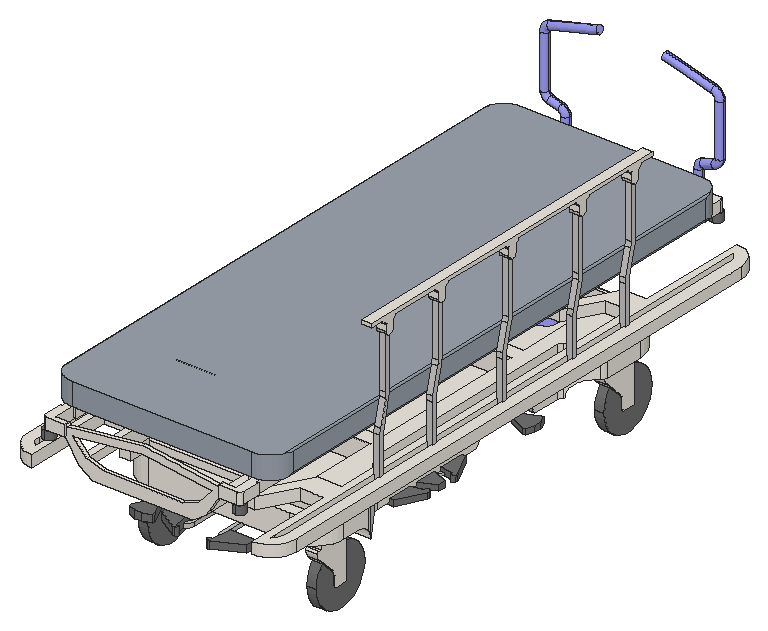
Revit family
Parameters (values of type "2' 10 1/2" x 6' 11"")
  Width = 3' - 0"
  Voltage = 230 V
  Siderail Length = 3' - 11"
  Power / Input = 3 A
  URL = "www.hill-rom.com"
  Type Comments = "Transport Strecher"
  Total Weight w/o Mattress = "265.0 lb"
  Series = "Strechers"  # constant formula
  Safe Working Load = "700 lb"  # constant formula
  Revision Date = "06/20/12"  # constant formula
  Placement Height = 0' - 0"
  Model = "P8005"
  Minimum Under-Strecher Clearance = 0' - 3 1/2"  # constant formula
  Minimum Sleep Surface Height = 1' - 11"
  Maximum Sleep Surface Height = 2' - 10 1/4"
  Maximum Siderail Height Above Sleep Deck = 1' - 2"
  Maximum Leg Angle = 70.00°  # constant formula
  Maximum Head Angle = 90.00°
  Mattress Weight = "13.0 - 15.5 lb"
  Mattress Width = 2' - 6"
  Mattress Length = 6' - 3"
  MasterFormat Number = "12.56.70"  # constant formula
  MasterFormat Name = "Healthcare Furniture"  # constant formula
  Manufacturer = "Hill-Rom Co."  # constant formula
  Length = 6' - 11"
  Right Sidebar Folded [instance] = not(Right Sidebar Extended)  # yes
  Right Sidebar Extended [instance] = no
  Height = 3' - 0 21/128"  # constant formula
  Frequency = 50 Hz
  Left Sidebar Folded [instance] = not(Left Sidebar Extended)  # no
  Left Sidebar Extended [instance] = yes
  Frame Finish = Plastic-Hill-Rom-Light Beige
  Description = "Strecher"  # constant formula
  Created by = "CADdetails, Ltd."  # constant formula
  Bed Finish = Textile-Hill-Rom-Matress
  Assembly Code = "E1020810"
  Architectural Design Manual = "http://www.hill-rom.com/usa/Stretcher_home.htm"
Reference planes (in)
  plane 1 "Center (Front/Back)": y = -5.75
  plane 2 "Bottom": z = 0
  plane 3 "Center (Left/Right)": x = 0
  plane 4 "Left": x = -18
  plane 5 "Right": x = 18
  plane 6 "Head": y = 35.75
  plane 7 "Foot": y = -47.25
  plane 8 "Top": z = 36.16406
  plane 9 "Matress Height": z = 22.28125
Forms (in)
  Sweep 1, solid, material "Textile-Hill-Rom-Matress" <- "Bed Finish"
    path origin (0, 12, 22.28125) x (0, -0.999962, 0.008727) y (0, -0.008727, -0.999962)
      loop
        line (-19.74925, -0.17235) -> (55.2479, 0.48214)
    profile origin (0, -5.75, 22.28125) x (0, 0, -1) y (1, 0, 0)
      loop
        line (0, -14.75) -> (0, 14.75)
        arc (0, 14.75) -> (-0.07322, 14.92678) -> (-0.25, 15) r 0.25
        line (-0.25, 15) -> (-2.75, 15)
        arc (-2.75, 15) -> (-2.92678, 14.92678) -> (-3, 14.75) r 0.25
        line (-3, 14.75) -> (-3, -14.75)
        arc (-3, -14.75) -> (-2.92678, -14.92678) -> (-2.75, -15) r 0.25
        line (-2.75, -15) -> (-0.25, -15)
        arc (-0.25, -15) -> (-0.07322, -14.92678) -> (0, -14.75) r 0.25
  Extrusion 2, solid, material "Plastic-Hill-Rom-Dark Grey"
    sketch origin (0, 0, 0) x (0, 1, 0) y (0, 0, 1)
      loop
        circle (19.64452, 4.00032) r 3.99581
      loop
        circle (-28.35548, 4.00032) r 3.99581
    from 10.63404 to 11.87567
  Extrusion 3, solid, material "Plastic-Hill-Rom-Dark Grey"
    sketch origin (0, 0, 0) x (0, 1, 0) y (0, 0, 1)
      loop
        circle (19.64452, 4.00032) r 3.99581
      loop
        circle (-28.35548, 4.00032) r 3.99581
    from -10.63281 to -11.875
  Extrusion 4, solid, material "Plastic-Hill-Rom-Light Beige" <- "Frame Finish"
    sketch origin (0, 0, 22.28125) x (0, 1, 0) y (-1, 0, 0)
      loop
        line (-46.62969, 14.69185) -> (-34.62965, 14.69185) -> (-34.62965, 11.47506) -> (-39.0542, 9) -> (-39.0542, 7.5) -> (-36.0542, 7.5) -> (-36.0542, 9) -> (-31.62965, 11.47506) -> (-31.62965, 14.69185) -> (16.37035, 14.69185) -> (16.37035, 11.47506) -> (11.9458, 9) -> (11.9458, 7.5) -> (14.9458, 7.5) -> (14.9458, 9) -> (19.37035, 11.47506) -> (19.37035, 14.69185) -> (34.2744, 14.69185)
        arc (34.2744, 14.69185) -> (33.30547, 17.03107) -> (30.96625, 18) r 3.30815
        line (30.96625, 18) -> (-43.32154, 18)
        arc (-43.32154, 18) -> (-45.66076, 17.03107) -> (-46.62969, 14.69185) r 3.30815
      loop
        line (-44.828, 15.69185) -> (32.47271, 15.69185)
        arc (32.47271, 15.69185) -> (31.82102, 16.28521) -> (30.96625, 16.5) r 1.80815
        line (30.96625, 16.5) -> (-43.32154, 16.5)
        arc (-43.32154, 16.5) -> (-44.17631, 16.28521) -> (-44.828, 15.69185) r 1.80815
      loop
        arc (-46.62969, -14.69185) -> (-45.66076, -17.03107) -> (-43.32154, -18) r 3.30815
        line (-43.32154, -18) -> (30.96625, -18)
        arc (30.96625, -18) -> (33.30547, -17.03107) -> (34.2744, -14.69185) r 3.30815
        line (34.2744, -14.69185) -> (19.37035, -14.69185) -> (19.37035, -11.47505) -> (14.9458, -9) -> (14.9458, -7.5) -> (11.9458, -7.5) -> (11.9458, -9) -> (16.37035, -11.47505) -> (16.37035, -14.69185) -> (-31.62965, -14.69185) -> (-31.62965, -11.47505) -> (-36.0542, -9) -> (-36.0542, -7.5) -> (-39.0542, -7.5) -> (-39.0542, -9) -> (-34.62965, -11.47505) -> (-34.62965, -14.69185) -> (-46.62969, -14.69185)
      loop
        arc (-44.828, -15.69185) -> (-44.17631, -16.2852) -> (-43.32154, -16.5) r 1.80815
        line (-43.32154, -16.5) -> (30.96625, -16.5)
        arc (30.96625, -16.5) -> (31.82102, -16.2852) -> (32.47271, -15.69185) r 1.80815
        line (32.47271, -15.69185) -> (-44.828, -15.69185)
    from -6.73931 to -5.24792
  Extrusion 5, solid, material "Plastic-Hill-Rom-Light Beige" <- "Frame Finish"
    sketch origin (0, 0, 0) x (0, 1, 0) y (0, 0, 1)
      loop
        line (32.6706, 19.03091) -> (-46, 19.03091) -> (-46, 18.03091) -> (-39.04908, 18.03091) -> (-39.04908, 17.03333) -> (-36.04908, 17.03333) -> (-36.04908, 18.03091) -> (11.95093, 18.03091) -> (11.95093, 17.03333) -> (14.95093, 17.03333) -> (14.95093, 18.03091) -> (32.6706, 18.03091) -> (32.6706, 19.03091)
    from 7.5 to 8.50134
  Extrusion 6, solid, material "Plastic-Hill-Rom-Light Beige" <- "Frame Finish"
    sketch origin (0, 0, 0) x (0, 1, 0) y (0, 0, 1)
      loop
        line (11.95093, 17.03333) -> (14.95093, 17.03333) -> (14.95093, 18.03091) -> (32.6706, 18.03091) -> (32.6706, 19.03091) -> (-46, 19.03091) -> (-46, 18.03091) -> (-39.04908, 18.03091) -> (-39.04908, 17.03333) -> (-36.04908, 17.03333) -> (-36.04908, 18.03091) -> (11.95093, 18.03091) -> (11.95093, 17.03333)
    from -7.5 to -8.5
  Extrusion 7, solid
    sketch origin (0, 0, 0) x (0, 1, 0) y (0, 0, 1)
      loop
        circle (17.39983, 20.78091) r 0.75
      loop
        circle (-25.341, 20.78091) r 0.75
      loop
        line (1.6958, 22.03091) -> (1.6958, 21.03091) -> (2.4458, 21.03091) -> (2.4458, 22.03091) -> (1.6958, 22.03091)
      loop
        line (-4.0542, 22.03091) -> (-4.0542, 21.03091) -> (-3.3042, 21.03091) -> (-3.3042, 22.03091) -> (-4.0542, 22.03091)
      loop
        line (-7.0542, 22.03091) -> (-7.0542, 21.03091) -> (-6.3042, 21.03091) -> (-6.3042, 22.03091) -> (-7.0542, 22.03091)
    from -12.03906 to 12.03829
  Blend 8, solid, material "Plastic-Hill-Rom-Light Blue"
    base sketch origin (0, 0, 22.28125) x (0, 1, 0) y (-1, 0, 0)
      loop
        spline (-20.79349, 0) -> (-20.9383, 0.58234) -> (-21.36288, 1.125) -> (-22.03829, 1.59099) -> (-22.91849, 1.94856) -> (-23.94351, 2.17333) -> (-25.04349, 2.25) -> (-26.14347, 2.17333) -> (-27.16849, 1.94856) -> (-28.04869, 1.59099) -> (-28.7241, 1.125) -> (-29.14868, 0.58234) -> (-29.29349, 0)
        spline (-29.29349, 0) -> (-29.14868, -0.58234) -> (-28.7241, -1.125) -> (-28.04869, -1.59099) -> (-27.16849, -1.94856) -> (-26.14347, -2.17333) -> (-25.04349, -2.25) -> (-23.94351, -2.17333) -> (-22.91849, -1.94856) -> (-22.03829, -1.59099) -> (-21.36288, -1.125) -> (-20.9383, -0.58234) -> (-20.79349, 0)
    top sketch origin (0, 0, 22.28125) x (0, 1, 0) y (-1, 0, 0)
      loop
        spline (-22.22988, 0) -> (-22.32573, 0.25847) -> (-22.60676, 0.49932) -> (-23.05381, 0.70614) -> (-23.63642, 0.86484) -> (-24.31489, 0.96461) -> (-25.04297, 0.99863) -> (-25.77105, 0.96461) -> (-26.44951, 0.86484) -> (-27.03212, 0.70614) -> (-27.47918, 0.49932) -> (-27.7602, 0.25847) -> (-27.85606, 0)
        spline (-27.85606, 0) -> (-27.7602, -0.25846) -> (-27.47918, -0.49932) -> (-27.03212, -0.70614) -> (-26.44951, -0.86484) -> (-25.77105, -0.9646) -> (-25.04297, -0.99863) -> (-24.31489, -0.9646) -> (-23.63642, -0.86484) -> (-23.05381, -0.70614) -> (-22.60676, -0.49932) -> (-22.32573, -0.25846) -> (-22.22988, 0)
    from -10.96554 to 0
  Blend 9, solid, material "Plastic-Hill-Rom-Light Blue"
    base sketch origin (0, 42.74083, 22.28125) x (0, 1, 0) y (-1, 0, 0)
      loop
        spline (-25.26427, -4.25) -> (-24.68193, -4.10518) -> (-24.13927, -3.68061) -> (-23.67328, -3.0052) -> (-23.31571, -2.125) -> (-23.09094, -1.09998) -> (-23.01427, 0) -> (-23.09094, 1.09998) -> (-23.31571, 2.125) -> (-23.67328, 3.00521) -> (-24.13927, 3.68061) -> (-24.68193, 4.10519) -> (-25.26427, 4.25)
        spline (-25.26427, 4.25) -> (-25.84661, 4.10519) -> (-26.38927, 3.68061) -> (-26.85526, 3.00521) -> (-27.21283, 2.125) -> (-27.4376, 1.09998) -> (-27.51427, 0) -> (-27.4376, -1.09998) -> (-27.21283, -2.125) -> (-26.85526, -3.0052) -> (-26.38927, -3.68061) -> (-25.84661, -4.10518) -> (-25.26427, -4.25)
    top sketch origin (0, 42.74083, 22.28125) x (0, 1, 0) y (-1, 0, 0)
      loop
        spline (-25.26427, 2.81309) -> (-25.52273, 2.71724) -> (-25.76359, 2.43621) -> (-25.97041, 1.98916) -> (-26.12911, 1.40655) -> (-26.22887, 0.72808) -> (-26.2629, 0) -> (-26.22887, -0.72808) -> (-26.12911, -1.40654) -> (-25.97041, -1.98915) -> (-25.76359, -2.43621) -> (-25.52273, -2.71724) -> (-25.26427, -2.81309)
        spline (-25.26427, -2.81309) -> (-25.0058, -2.71724) -> (-24.76495, -2.43621) -> (-24.55813, -1.98915) -> (-24.39943, -1.40654) -> (-24.29967, -0.72808) -> (-24.26564, 0) -> (-24.29967, 0.72808) -> (-24.39943, 1.40655) -> (-24.55813, 1.98916) -> (-24.76495, 2.43621) -> (-25.0058, 2.71724) -> (-25.26427, 2.81309)
    from -10.94762 to 0
  Extrusion 10, solid, material "Plastic-Hill-Rom-Light Beige" <- "Frame Finish", detail levels medium+fine
    sketch origin (0, 35.75, 0) x (1, 0, 0) y (0, 0, 1)
      loop
        line (-8.5, 18.03091) -> (-6.625, 16.71841) -> (6.625, 16.71841) -> (8.5, 18.03091) -> (10.25, 20.78091) -> (10.25, 22.28125) -> (10.05774, 22.05401) -> (0, 23.26226) -> (-10.05774, 22.05401) -> (-10.25, 22.28125) -> (-10.25, 20.78091) -> (-8.5, 18.03091)
      loop
        line (-5.37367, 18.37466) -> (5.37366, 18.37466) -> (7.5, 19.03091) -> (9.30432, 21.16351) -> (0, 22.28125) -> (-9.30432, 21.16351) -> (-7.5, 19.03091) -> (-5.37367, 18.37466)
    from 2.5 to 3.0794
  Extrusion 11, solid, material "Plastic-Hill-Rom-Light Beige" <- "Frame Finish"
    sketch origin (0, 0, 22.28125) x (0, 1, 0) y (-1, 0, 0)
      loop
        line (-43.70704, 13) -> (-43.70704, 13.25) -> (-46.20704, 13.25)
        arc (-46.20704, 13.25) -> (-46.56059, 13.10355) -> (-46.70704, 12.75) r 0.5
        line (-46.70704, 12.75) -> (-46.70704, 10.25) -> (-46, 10.25) -> (-46, 12) -> (32.1706, 12) -> (32.1706, 10.25) -> (33.9206, 10.25) -> (33.9206, 12.75)
        arc (33.9206, 12.75) -> (33.77415, 13.10355) -> (33.4206, 13.25) r 0.5
        line (33.4206, 13.25) -> (30.9206, 13.25) -> (30.9206, 13) -> (-43.70704, 13)
      loop
        line (-43.70704, -13) -> (30.9206, -13) -> (30.9206, -13.25) -> (33.4206, -13.25)
        arc (33.4206, -13.25) -> (33.77415, -13.10355) -> (33.9206, -12.75) r 0.5
        line (33.9206, -12.75) -> (33.9206, -10.25) -> (32.1706, -10.25) -> (32.1706, -12) -> (-46, -12) -> (-46, -10.25) -> (-46.70704, -10.25) -> (-46.70704, -12.75)
        arc (-46.70704, -12.75) -> (-46.56059, -13.10355) -> (-46.20704, -13.25) r 0.5
        line (-46.20704, -13.25) -> (-43.70704, -13.25) -> (-43.70704, -13)
    from 0 to -1.50034
  Extrusion 12, solid, material "Plastic-Hill-Rom-Light Beige" <- "Frame Finish", detail levels medium+fine
    sketch origin (0, -47.25, 0) x (1, 0, 0) y (0, 0, 1)
      loop
        line (-6.625, 16.71841) -> (6.625, 16.71841) -> (8.5, 18.03091) -> (10.25, 20.78091) -> (10.25, 22.28125) -> (10.05774, 22.05401) -> (0, 23.26226) -> (-10.05774, 22.05401) -> (-10.25, 22.28125) -> (-10.25, 20.78091) -> (-8.5, 18.03091) -> (-6.625, 16.71841)
      loop
        line (5.37366, 18.37466) -> (7.5, 19.03091) -> (9.30432, 21.16351) -> (0, 22.28125) -> (-9.30432, 21.16351) -> (-7.5, 19.03091) -> (-5.37367, 18.37466) -> (5.37366, 18.37466)
    from -0.75 to -1.25
  Sweep 13, solid, material "Plastic-Hill-Rom-Light Beige" <- "Frame Finish", detail levels fine
    path origin (0, 0, 0) x (0, 1, 0) y (0, 0, 1)
      loop
        line (31.75, 22.28125) -> (-43.25, 22.28125)
    profile origin (0, -5.75, 22.28125) x (0, 0, -1) y (1, 0, 0)
      loop
        line (0, 11.5) -> (1.25, 11.5) -> (1.25, 12) -> (0, 12) -> (0, 11.5)
      loop
        line (0, -11.5) -> (0, -12) -> (1.25, -12) -> (1.25, -11.5) -> (0, -11.5)
  Extrusion 14, solid, material "Plastic-Hill-Rom-Light Beige" <- "Frame Finish"
    sketch origin (0, 0, 0) x (0, 1, 0) y (0, 0, 1)
      loop
        line (20.3849, 3.00032) -> (20.3849, 8.28091) -> (18.1349, 8.28091)
        arc (18.1349, 8.28091) -> (18.06751, 8.44362) -> (17.90481, 8.51101) r 0.2301
        line (17.90481, 8.51101) -> (17.5099, 8.51101) -> (17.5099, 10.26101) -> (16.2599, 10.26101) -> (16.2599, 8.51101) -> (15.865, 8.51101)
        arc (15.865, 8.51101) -> (15.7023, 8.44362) -> (15.6349, 8.28091) r 0.2301
        arc (15.6349, 8.28091) -> (15.74252, 7.73989) -> (16.04898, 7.28124) r 1.41375
        line (16.04898, 7.28124) -> (18.12782, 5.2024)
        arc (18.12782, 5.2024) -> (18.35416, 4.86367) -> (18.43364, 4.4641) r 1.04411
        line (18.43364, 4.4641) -> (18.43364, 3.5138)
        arc (18.43364, 3.5138) -> (18.58403, 3.15072) -> (18.94712, 3.00032) r 0.51348
        line (18.94712, 3.00032) -> (20.3849, 3.00032)
      loop
        line (-27.6151, 3.00032) -> (-27.6151, 8.28091) -> (-29.8651, 8.28091)
        arc (-29.8651, 8.28091) -> (-29.93249, 8.44362) -> (-30.09519, 8.51101) r 0.2301
        line (-30.09519, 8.51101) -> (-30.4901, 8.51101) -> (-30.4901, 10.26101) -> (-31.7401, 10.26101) -> (-31.7401, 8.51101) -> (-32.135, 8.51101)
        arc (-32.135, 8.51101) -> (-32.2977, 8.44362) -> (-32.3651, 8.28091) r 0.2301
        arc (-32.3651, 8.28091) -> (-32.25748, 7.73989) -> (-31.95102, 7.28124) r 1.41375
        line (-31.95102, 7.28124) -> (-29.87218, 5.2024)
        arc (-29.87218, 5.2024) -> (-29.64584, 4.86367) -> (-29.56636, 4.4641) r 1.04411
        line (-29.56636, 4.4641) -> (-29.56636, 3.5138)
        arc (-29.56636, 3.5138) -> (-29.41597, 3.15072) -> (-29.05288, 3.00032) r 0.51348
        line (-29.05288, 3.00032) -> (-27.6151, 3.00032)
    from 10.50067 to 12.03829
  Extrusion 15, solid, material "Plastic-Hill-Rom-Light Beige" <- "Frame Finish"
    sketch origin (0, 0, 0) x (0, 1, 0) y (0, 0, 1)
      loop
        line (20.3849, 3.00032) -> (20.3849, 8.28091) -> (18.1349, 8.28091)
        arc (18.1349, 8.28091) -> (18.06751, 8.44362) -> (17.90481, 8.51101) r 0.2301
        line (17.90481, 8.51101) -> (17.5099, 8.51101) -> (17.5099, 10.26101) -> (16.2599, 10.26101) -> (16.2599, 8.51101) -> (15.865, 8.51101)
        arc (15.865, 8.51101) -> (15.7023, 8.44362) -> (15.6349, 8.28091) r 0.2301
        arc (15.6349, 8.28091) -> (15.74252, 7.73989) -> (16.04898, 7.28124) r 1.41375
        line (16.04898, 7.28124) -> (18.12782, 5.2024)
        arc (18.12782, 5.2024) -> (18.35416, 4.86367) -> (18.43364, 4.4641) r 1.04411
        line (18.43364, 4.4641) -> (18.43364, 3.5138)
        arc (18.43364, 3.5138) -> (18.58403, 3.15072) -> (18.94712, 3.00032) r 0.51348
        line (18.94712, 3.00032) -> (20.3849, 3.00032)
      loop
        line (-29.05288, 3.00032) -> (-27.6151, 3.00032) -> (-27.6151, 8.28091) -> (-29.8651, 8.28091)
        arc (-29.8651, 8.28091) -> (-29.93249, 8.44362) -> (-30.09519, 8.51101) r 0.2301
        line (-30.09519, 8.51101) -> (-30.4901, 8.51101) -> (-30.4901, 10.26101) -> (-31.7401, 10.26101) -> (-31.7401, 8.51101) -> (-32.135, 8.51101)
        arc (-32.135, 8.51101) -> (-32.2977, 8.44362) -> (-32.3651, 8.28091) r 0.2301
        arc (-32.3651, 8.28091) -> (-32.25748, 7.73989) -> (-31.95102, 7.28124) r 1.41375
        line (-31.95102, 7.28124) -> (-29.87218, 5.2024)
        arc (-29.87218, 5.2024) -> (-29.64584, 4.86367) -> (-29.56636, 4.4641) r 1.04411
        line (-29.56636, 4.4641) -> (-29.56636, 3.5138)
        arc (-29.56636, 3.5138) -> (-29.41597, 3.15072) -> (-29.05288, 3.00032) r 0.51348
    from -10.5 to -12
  Sweep 16, solid, material "Plastic-Hill-Rom-Light Beige" <- "Frame Finish", detail levels fine
    path origin (0, 0, 0) x (0, 1, 0) y (0, 0, 1)
      loop
        line (33.25, 19.71841) -> (34.25, 19.71841)
        arc (34.25, 19.71841) -> (34.95711, 20.01131) -> (35.25, 20.71841) r 1
        line (35.25, 20.71841) -> (35.25, 22.28125)
    profile origin (0, 33.75, 19.71841) x (0, 0, 1) y (1, 0, 0)
      loop
        circle (0, -8.90336) r 0.5
      loop
        circle (0, 8.90336) r 0.5
  Sweep 17, solid, material "Plastic-Hill-Rom-Light Blue", detail levels fine
    path origin (0, 35.75, 0) x (1, 0, 0) y (0, 0, 1)
      loop
        line (-8.90337, 22.28125) -> (-8.90337, 23.82601)
        arc (-8.90337, 23.82601) -> (-9.05835, 24.28258) -> (-9.45925, 24.55046) r 0.75
        line (-9.45925, 24.55046) -> (-10.95866, 24.95222)
        arc (-10.95866, 24.95222) -> (-11.4932, 25.30939) -> (-11.69984, 25.91815) r 1
        line (-11.69984, 25.91815) -> (-11.69984, 32.91815)
        arc (-11.69984, 32.91815) -> (-11.4932, 33.52691) -> (-10.95866, 33.88407) r 1
        line (-10.95866, 33.88407) -> (-4.36485, 35.65088)
    profile origin (-11.69984, 35.75, 29.41815) x (-1, 0, 0) y (0, -1, 0)
      loop
        circle (0, 0.5) r 0.5
  Extrusion 18, solid, material "Plastic-Hill-Rom-Light Beige" <- "Frame Finish"
    sketch origin (0, 0, 0) x (1, 0, 0) y (0, 1, 0)
      loop
        arc (9.49933, -33.82236) -> (12.32776, -32.65079) -> (13.49933, -29.82236) r 4
        line (13.49933, -29.82236) -> (13.49933, -25.60217)
        arc (13.49933, -25.60217) -> (13.42321, -25.21949) -> (13.20644, -24.89506) r 1
        line (13.20644, -24.89506) -> (10.35539, -20.79402)
        arc (10.35539, -20.79402) -> (10.13862, -20.4696) -> (10.0625, -20.08691) r 1
        line (10.0625, -20.08691) -> (10.0625, 9.98907)
        arc (10.0625, 9.98907) -> (10.13862, 10.37176) -> (10.35539, 10.69618) r 1
        line (10.35539, 10.69618) -> (13.20644, 13.54723)
        arc (13.20644, 13.54723) -> (13.42321, 13.87165) -> (13.49933, 14.25433) r 1
        line (13.49933, 14.25433) -> (13.49933, 19.72452)
        arc (13.49933, 19.72452) -> (12.32776, 22.55295) -> (9.49933, 23.72452) r 4
        line (9.49933, 23.72452) -> (-9.49933, 23.72452)
        arc (-9.49933, 23.72452) -> (-12.32776, 22.55295) -> (-13.49933, 19.72452) r 4
        line (-13.49933, 19.72452) -> (-13.49933, 14.25433)
        arc (-13.49933, 14.25433) -> (-13.42321, 13.87165) -> (-13.20644, 13.54723) r 1
        line (-13.20644, 13.54723) -> (-10.35539, 10.69618)
        arc (-10.35539, 10.69618) -> (-10.13862, 10.37176) -> (-10.0625, 9.98907) r 1
        line (-10.0625, 9.98907) -> (-10.0625, -21.33691)
        arc (-10.0625, -21.33691) -> (-10.13862, -21.7196) -> (-10.35539, -22.04402) r 1
        line (-10.35539, -22.04402) -> (-13.20644, -23.4185)
        arc (-13.20644, -23.4185) -> (-13.42321, -23.74293) -> (-13.49933, -24.12561) r 1
        line (-13.49933, -24.12561) -> (-13.49933, -29.82236)
        arc (-13.49933, -29.82236) -> (-12.32776, -32.65079) -> (-9.49933, -33.82236) r 4
        line (-9.49933, -33.82236) -> (9.49933, -33.82236)
      loop
        line (8.0625, 21.72452) -> (-8.0625, 21.72452) -> (-8.0625, 6.98907) -> (8.0625, 6.98907) -> (8.0625, 21.72452)
      loop
        line (-8.0625, -31.82236) -> (8.0625, -31.82236) -> (8.0625, -18.48907) -> (-8.0625, -18.48907) -> (-8.0625, -31.82236)
      loop
        line (-8.0625, 4.98907) -> (-8.0625, -16.48907) -> (8.0625, -16.48907) -> (8.0625, 4.98907) -> (-8.0625, 4.98907)
    from 7.53091 to 14.03091
  Extrusion 19, void
    sketch origin (0, 0, 0) x (0, 1, 0) y (0, 0, 1)
      loop
        arc (12.81873, 9.51296) -> (11.4172, 8.93243) -> (10.83667, 7.53091) r 1.98205
        line (10.83667, 7.53091) -> (23.72452, 7.53091) -> (23.72452, 9.51296) -> (12.81873, 9.51296)
      loop
        line (22.22452, 13.03091) -> (23.72452, 13.03091) -> (23.72452, 14.03091) -> (22.22452, 14.03091) -> (22.22452, 13.03091)
      loop
        line (-27.25105, 9.51296) -> (-33.83342, 9.51296) -> (-33.83342, 7.53091) -> (-25.269, 7.53091)
        arc (-25.269, 7.53091) -> (-25.84953, 8.93243) -> (-27.25105, 9.51296) r 1.98205
      loop
        line (-32.33342, 13.03091) -> (-32.33342, 14.03091) -> (-33.83342, 14.03091) -> (-33.83342, 13.03091) -> (-32.33342, 13.03091)
      loop
        arc (6.44218, 7.53091) -> (1.44717, 10.17894) -> (-3.54783, 7.53091) r 6.03509
        line (-3.54783, 7.53091) -> (6.44218, 7.53091)
    from -17.2832 to 18
  Extrusion 20, solid, material "Plastic-Hill-Rom-Light Beige" <- "Frame Finish"
    sketch origin (0, 0, 0) x (1, 0, 0) y (0, 1, 0)
      loop
        line (-8.0625, 21.72452) -> (-8.0625, 6.98907) -> (8.0625, 6.98907) -> (8.0625, 21.72452) -> (-8.0625, 21.72452)
      loop
        line (-8.0625, 4.98907) -> (-8.0625, -16.48907) -> (8.0625, -16.48907) -> (8.0625, 4.98907) -> (-8.0625, 4.98907)
      loop
        line (-8.0625, -18.48907) -> (-8.0625, -31.82236) -> (8.0625, -31.82236) -> (8.0625, -18.48907) -> (-8.0625, -18.48907)
    from 10.58692 to 11.31571
  Extrusion 21, solid, material "Plastic-Hill-Rom-Dark Grey", detail levels fine
    sketch origin (0, 0, 0) x (1, 0, 0) y (0, 1, 0)
      loop
        line (-9.24677, 4.54148) -> (-11.54234, 5.60552) -> (-11.92039, 5.60552) -> (-12.32488, 4.50697) -> (-12.32488, 3.59231) -> (-11.92039, 2.49376) -> (-11.54234, 2.49376) -> (-9.24677, 3.55781) -> (-9.24677, 4.54148)
      loop
        line (-12.32488, -12.5126) -> (-10.02932, -13.57664) -> (-9.65126, -13.57664) -> (-9.24677, -12.47809) -> (-9.24677, -11.56343) -> (-9.65126, -10.46488) -> (-10.02932, -10.46488) -> (-12.32488, -11.52892) -> (-12.32488, -12.5126)
      loop
        line (-9.24677, -9.28822) -> (-9.24677, -6.03921) -> (-10.73091, -6.03921) -> (-12.4801, -9.55833) -> (-12.4801, -9.83677)
        arc (-12.4801, -9.83677) -> (-12.19292, -10.12395) -> (-11.90573, -9.83677) r 0.28718
        line (-11.90573, -9.83677) -> (-11.90573, -9.70935) -> (-9.24677, -9.28822)
      loop
        line (-9.24677, -14.75595) -> (-11.90573, -14.33217) -> (-11.90573, -14.20475)
        arc (-11.90573, -14.20475) -> (-12.19292, -13.91757) -> (-12.4801, -14.20475) r 0.28718
        line (-12.4801, -14.20475) -> (-12.4801, -14.48319) -> (-10.73091, -18.00232) -> (-9.24677, -18.00232) -> (-9.24677, -14.75595)
      loop
        line (9.24482, 4.54148) -> (9.24482, 3.55781) -> (11.54039, 2.49376) -> (11.91844, 2.49376) -> (12.32293, 3.59231) -> (12.32293, 4.50697) -> (11.91844, 5.60552) -> (11.54039, 5.60552) -> (9.24482, 4.54148)
      loop
        line (12.32293, -12.5126) -> (12.32293, -11.52892) -> (10.02736, -10.46488) -> (9.64931, -10.46488) -> (9.24482, -11.56343) -> (9.24482, -12.47809) -> (9.64931, -13.57664) -> (10.02736, -13.57664) -> (12.32293, -12.5126)
      loop
        line (9.24482, -9.28822) -> (11.90378, -9.70935) -> (11.90378, -9.83677)
        arc (11.90378, -9.83677) -> (12.19096, -10.12395) -> (12.47814, -9.83677) r 0.28718
        line (12.47814, -9.83677) -> (12.47814, -9.55833) -> (10.72896, -6.03921) -> (9.24482, -6.03921) -> (9.24482, -9.28822)
      loop
        line (9.24482, -14.7533) -> (9.24482, -18.00232) -> (10.72896, -18.00232) -> (12.47814, -14.48319) -> (12.47814, -14.20475)
        arc (12.47814, -14.20475) -> (12.19096, -13.91757) -> (11.90378, -14.20475) r 0.28718
        line (11.90378, -14.20475) -> (11.90378, -14.33217) -> (9.24482, -14.7533)
    from 7.24976 to 8.01046
  Extrusion 22, solid, material "Metal-Hill-Rom-Stainless Steel", detail levels medium+fine
    sketch origin (0, 0, 0) x (1, 0, 0) y (0, 1, 0)
      loop
        line (-9.24677, 3.79964) -> (-6.99677, 3.79964)
        arc (-6.99677, 3.79964) -> (-6.29333, 4.09102) -> (-6.00195, 4.79446) r 0.99482
        line (-6.00195, 4.79446) -> (-6.00195, 10.04964) -> (-6.50195, 10.04964) -> (-6.50195, 4.79446)
        arc (-6.50195, 4.79446) -> (-6.64688, 4.44457) -> (-6.99677, 4.29964) r 0.49482
        line (-6.99677, 4.29964) -> (-9.24677, 4.29964) -> (-9.24677, 3.79964)
      loop
        line (-10.7168, -8.29673) -> (-10.7168, -9.26656)
        arc (-10.7168, -9.26656) -> (-10.42542, -9.97) -> (-9.72198, -10.26138) r 0.99482
        line (-9.72198, -10.26138) -> (-4.24933, -10.26138) -> (-4.24933, -9.76138) -> (-9.72198, -9.76138)
        arc (-9.72198, -9.76138) -> (-10.07187, -9.61645) -> (-10.2168, -9.26656) r 0.49482
        line (-10.2168, -9.26656) -> (-10.2168, -8.29673) -> (-10.7168, -8.29673)
      loop
        line (-4.24933, -12.27887) -> (-4.24933, -11.77887) -> (-10.2168, -11.77887) -> (-10.2168, -12.27887) -> (-4.24933, -12.27887)
      loop
        line (-10.7168, -15.76101) -> (-10.2168, -15.76101) -> (-10.2168, -14.79118)
        arc (-10.2168, -14.79118) -> (-10.07187, -14.44129) -> (-9.72198, -14.29636) r 0.49482
        line (-9.72198, -14.29636) -> (-4.24933, -14.29636) -> (-4.24933, -13.79636) -> (-9.72198, -13.79636)
        arc (-9.72198, -13.79636) -> (-10.42542, -14.08774) -> (-10.7168, -14.79118) r 0.99482
        line (-10.7168, -14.79118) -> (-10.7168, -15.76101)
      loop
        line (9.24677, 3.79964) -> (9.24677, 4.29964) -> (6.99677, 4.29964)
        arc (6.99677, 4.29964) -> (6.64688, 4.44457) -> (6.50195, 4.79446) r 0.49482
        line (6.50195, 4.79446) -> (6.50195, 10.04964) -> (6.00195, 10.04964) -> (6.00195, 4.79446)
        arc (6.00195, 4.79446) -> (6.29333, 4.09102) -> (6.99677, 3.79964) r 0.99482
        line (6.99677, 3.79964) -> (9.24677, 3.79964)
      loop
        line (10.7168, -8.29673) -> (10.2168, -8.29673) -> (10.2168, -9.26656)
        arc (10.2168, -9.26656) -> (10.07187, -9.61645) -> (9.72198, -9.76138) r 0.49482
        line (9.72198, -9.76138) -> (4.24933, -9.76138) -> (4.24933, -10.26138) -> (9.72198, -10.26138)
        arc (9.72198, -10.26138) -> (10.42542, -9.97) -> (10.7168, -9.26656) r 0.99482
        line (10.7168, -9.26656) -> (10.7168, -8.29673)
      loop
        line (4.24933, -12.27887) -> (10.2168, -12.27887) -> (10.2168, -11.77887) -> (4.24933, -11.77887) -> (4.24933, -12.27887)
      loop
        line (10.7168, -15.76101) -> (10.7168, -14.79118)
        arc (10.7168, -14.79118) -> (10.42542, -14.08774) -> (9.72198, -13.79636) r 0.99482
        line (9.72198, -13.79636) -> (4.24933, -13.79636) -> (4.24933, -14.29636) -> (9.72198, -14.29636)
        arc (9.72198, -14.29636) -> (10.07187, -14.44129) -> (10.2168, -14.79118) r 0.49482
        line (10.2168, -14.79118) -> (10.2168, -15.76101) -> (10.7168, -15.76101)
    from 7.29766 to 7.53091
  Extrusion 23, solid, material "Plastic-Hill-Rom-Dark Grey", detail levels fine
    sketch origin (0, 0, 0) x (1, 0, 0) y (0, 1, 0)
      loop
        line (-5.945, -36.06693) -> (-6.92867, -36.06693) -> (-7.99271, -38.36249) -> (-7.99271, -38.74055) -> (-6.89416, -39.14504) -> (-5.9795, -39.14504) -> (-4.88095, -38.74055) -> (-4.88095, -38.36249) -> (-5.945, -36.06693)
      loop
        line (-4.57522, -36.17849) -> (-4.57522, -37.67931) -> (-1.68109, -39.42849) -> (-1.40265, -39.42849)
        arc (-1.40265, -39.42849) -> (-1.11547, -39.14131) -> (-1.40265, -38.85413) r 0.28718
        line (-1.40265, -38.85413) -> (-1.53007, -38.85413) -> (-1.95385, -36.17849) -> (-4.57522, -36.17849)
      loop
        line (6.76826, -36.17849) -> (3.52189, -36.17849) -> (3.09812, -38.85413) -> (2.9707, -38.85413)
        arc (2.9707, -38.85413) -> (2.68352, -39.14131) -> (2.9707, -39.42849) r 0.28718
        line (2.9707, -39.42849) -> (3.24914, -39.42849) -> (6.76826, -37.67931) -> (6.76826, -36.17849)
      loop
        line (0.44774, 27.26784) -> (-10.30226, 27.26784)
        arc (-10.30226, 27.26784) -> (-10.92726, 26.64284) -> (-10.30226, 26.01784) r 0.625
        line (-10.30226, 26.01784) -> (0.44774, 26.01784)
        arc (0.44774, 26.01784) -> (1.07274, 26.64284) -> (0.44774, 27.26784) r 0.625
    from 8.91325 to 9.91118
  Extrusion 24, solid, material "Metal-Hill-Rom-Stainless Steel", detail levels medium+fine
    sketch origin (0, 0, 0) x (1, 0, 0) y (0, 1, 0)
      loop
        line (-6.81183, -30.57496) -> (-7.31183, -30.57496) -> (-7.31183, -37.17877) -> (-6.81183, -37.17877) -> (-6.81183, -30.57496)
      loop
        line (-2.91687, -37.20578) -> (-2.91687, -37.70578) -> (-1.94704, -37.70578)
        arc (-1.94704, -37.70578) -> (-1.2436, -37.4144) -> (-0.95222, -36.71096) r 0.99482
        line (-0.95222, -36.71096) -> (-0.95222, -30.58011) -> (-1.45222, -30.58011) -> (-1.45222, -36.71096)
        arc (-1.45222, -36.71096) -> (-1.59715, -37.06085) -> (-1.94704, -37.20578) r 0.49482
        line (-1.94704, -37.20578) -> (-2.91687, -37.20578)
      loop
        line (3.05152, -30.58011) -> (2.55152, -30.58011) -> (2.55152, -36.71096)
        arc (2.55152, -36.71096) -> (2.8429, -37.4144) -> (3.54634, -37.70578) r 0.99482
        line (3.54634, -37.70578) -> (4.51617, -37.70578) -> (4.51617, -37.20578) -> (3.54634, -37.20578)
        arc (3.54634, -37.20578) -> (3.19645, -37.06085) -> (3.05152, -36.71096) r 0.49482
        line (3.05152, -36.71096) -> (3.05152, -30.58011)
      loop
        line (-4.6396, 26.01784) -> (-5.1396, 26.01784) -> (-5.1396, 19.01784) -> (-4.6396, 19.01784) -> (-4.6396, 26.01784)
    from 9.0408 to 9.51296
  Extrusion 25, solid, material "Plastic-Hill-Rom-Light Beige" <- "Frame Finish"
    sketch origin (0, 0, 0) x (1, 0, 0) y (0, 1, 0)
      loop
        line (-8.0625, 6.98907) -> (8.0625, 6.98907) -> (8.0625, 11.89716) -> (-8.0625, 11.89716) -> (-8.0625, 6.98907)
      loop
        line (-8.0625, 4.98907) -> (-8.0625, -16.48907) -> (8.0625, -16.48907) -> (8.0625, 4.98907) -> (-8.0625, 4.98907)
    from 7.53091 to 10.58692
  Extrusion 26, solid, material "Plastic-Hill-Rom-Light Beige" <- "Frame Finish", visible <- "Right Sidebar Extended", detail levels medium+fine
    sketch origin (-18, 0, 0) x (0, 1, 0) y (0, 0, 1)
      loop
        line (6.97916, 35.66406) -> (13.77084, 35.66406) -> (13.77084, 35.45701)
        arc (13.77084, 35.45701) -> (14.09492, 35.32277) -> (14.22916, 34.99869) r 0.45832
        line (14.22916, 34.99869) -> (14.22916, 34.15289)
        arc (14.22916, 34.15289) -> (14.75, 33.63205) -> (15.27084, 34.15289) r 0.52084
        line (15.27084, 34.15289) -> (15.27084, 34.99869)
        arc (15.27084, 34.99869) -> (15.40508, 35.32277) -> (15.72916, 35.45701) r 0.45832
        line (15.72916, 35.45701) -> (15.72916, 35.66406) -> (17.75, 35.66406) -> (17.75, 36.16406) -> (-29.25, 36.16406) -> (-29.25, 35.66406) -> (-27.3295, 35.66406) -> (-27.3295, 35.44589)
        arc (-27.3295, 35.44589) -> (-26.94274, 35.35649) -> (-26.77084, 34.99869) r 0.45832
        line (-26.77084, 34.99869) -> (-26.77084, 34.15289)
        arc (-26.77084, 34.15289) -> (-26.25, 33.63205) -> (-25.72916, 34.15289) r 0.52084
        line (-25.72916, 34.15289) -> (-25.72916, 34.99869)
        arc (-25.72916, 34.99869) -> (-25.62864, 35.28511) -> (-25.37118, 35.44589) r 0.45832
        line (-25.37118, 35.44589) -> (-25.37118, 35.66406) -> (-18.47916, 35.66406) -> (-18.47916, 35.45701)
        arc (-18.47916, 35.45701) -> (-18.15508, 35.32277) -> (-18.02084, 34.99869) r 0.45832
        line (-18.02084, 34.99869) -> (-18.02084, 34.15289)
        arc (-18.02084, 34.15289) -> (-17.5, 33.63205) -> (-16.97916, 34.15289) r 0.52084
        line (-16.97916, 34.15289) -> (-16.97916, 34.99869)
        arc (-16.97916, 34.99869) -> (-16.84492, 35.32277) -> (-16.52084, 35.45701) r 0.45832
        line (-16.52084, 35.45701) -> (-16.52084, 35.66406) -> (-6.72916, 35.66406) -> (-6.72916, 35.45701)
        arc (-6.72916, 35.45701) -> (-6.40508, 35.32277) -> (-6.27084, 34.99869) r 0.45832
        line (-6.27084, 34.99869) -> (-6.27084, 34.15289)
        arc (-6.27084, 34.15289) -> (-5.75, 33.63205) -> (-5.22916, 34.15289) r 0.52084
        line (-5.22916, 34.15289) -> (-5.22916, 34.99869)
        arc (-5.22916, 34.99869) -> (-5.09492, 35.32277) -> (-4.77084, 35.45701) r 0.45832
        line (-4.77084, 35.45701) -> (-4.77084, 35.66406) -> (5.02084, 35.66406) -> (5.02084, 35.45701)
        arc (5.02084, 35.45701) -> (5.34492, 35.32277) -> (5.47916, 34.99869) r 0.45832
        line (5.47916, 34.99869) -> (5.47916, 34.15289)
        arc (5.47916, 34.15289) -> (6, 33.63205) -> (6.52084, 34.15289) r 0.52084
        line (6.52084, 34.15289) -> (6.52084, 34.99869)
        arc (6.52084, 34.99869) -> (6.65508, 35.32277) -> (6.97916, 35.45701) r 0.45832
        line (6.97916, 35.45701) -> (6.97916, 35.66406)
    from 1.25 to 2.55815
  Extrusion 27, solid, material "Metal-Hill-Rom-Stainless Steel", visible <- "Right Sidebar Extended", detail levels medium+fine
    sketch origin (-18, 0, 0) x (0, 1, 0) y (0, 0, 1)
      loop
        line (15, 26.72286) -> (15, 34.41406) -> (14.5, 34.41406) -> (14.5, 26.72286)
        arc (14.5, 26.72286) -> (14.46797, 26.35964) -> (14.37288, 26.00763) r 2.07565
        line (14.37288, 26.00763) -> (13.56511, 22.76784)
        arc (13.56511, 22.76784) -> (13.51631, 22.40495) -> (13.5, 22.03915) r 4.1102
        line (13.5, 22.03915) -> (13.5, 16.28915)
        arc (13.5, 16.28915) -> (13.75, 16.03915) -> (14, 16.28915) r 0.25
        line (14, 16.28915) -> (14, 22.03915)
        arc (14, 22.03915) -> (14.01362, 22.35248) -> (14.05439, 22.66345) r 3.6102
        line (14.05439, 22.66345) -> (14.85187, 25.86199)
        arc (14.85187, 25.86199) -> (14.9627, 26.2861) -> (15, 26.72286) r 2.57565
      loop
        line (6.25, 26.72286) -> (6.25, 34.41406) -> (5.75, 34.41406) -> (5.75, 26.72286)
        arc (5.75, 26.72286) -> (5.71797, 26.35964) -> (5.62288, 26.00763) r 2.07565
        line (5.62288, 26.00763) -> (4.81511, 22.76784)
        arc (4.81511, 22.76784) -> (4.76631, 22.40495) -> (4.75, 22.03915) r 4.1102
        line (4.75, 22.03915) -> (4.75, 16.28915)
        arc (4.75, 16.28915) -> (5, 16.03915) -> (5.25, 16.28915) r 0.25
        line (5.25, 16.28915) -> (5.25, 22.03915)
        arc (5.25, 22.03915) -> (5.26362, 22.35248) -> (5.30439, 22.66345) r 3.6102
        line (5.30439, 22.66345) -> (6.10187, 25.86199)
        arc (6.10187, 25.86199) -> (6.2127, 26.2861) -> (6.25, 26.72286) r 2.57565
      loop
        line (-5.5, 26.72286) -> (-5.5, 34.41406) -> (-6, 34.41406) -> (-6, 26.72286)
        arc (-6, 26.72286) -> (-6.03203, 26.35964) -> (-6.12712, 26.00763) r 2.07565
        line (-6.12712, 26.00763) -> (-6.93489, 22.76784)
        arc (-6.93489, 22.76784) -> (-6.98369, 22.40495) -> (-7, 22.03915) r 4.1102
        line (-7, 22.03915) -> (-7, 16.28915)
        arc (-7, 16.28915) -> (-6.75, 16.03915) -> (-6.5, 16.28915) r 0.25
        line (-6.5, 16.28915) -> (-6.5, 22.03915)
        arc (-6.5, 22.03915) -> (-6.48638, 22.35248) -> (-6.44561, 22.66345) r 3.6102
        line (-6.44561, 22.66345) -> (-5.64813, 25.86199)
        arc (-5.64813, 25.86199) -> (-5.5373, 26.2861) -> (-5.5, 26.72286) r 2.57565
      loop
        line (-17.25, 26.72286) -> (-17.25, 34.41406) -> (-17.75, 34.41406) -> (-17.75, 26.72286)
        arc (-17.75, 26.72286) -> (-17.78203, 26.35964) -> (-17.87712, 26.00763) r 2.07565
        line (-17.87712, 26.00763) -> (-18.68489, 22.76784)
        arc (-18.68489, 22.76784) -> (-18.73369, 22.40495) -> (-18.75, 22.03915) r 4.1102
        line (-18.75, 22.03915) -> (-18.75, 16.28915)
        arc (-18.75, 16.28915) -> (-18.5, 16.03915) -> (-18.25, 16.28915) r 0.25
        line (-18.25, 16.28915) -> (-18.25, 22.03915)
        arc (-18.25, 22.03915) -> (-18.23638, 22.35248) -> (-18.19561, 22.66345) r 3.6102
        line (-18.19561, 22.66345) -> (-17.39813, 25.86199)
        arc (-17.39813, 25.86199) -> (-17.2873, 26.2861) -> (-17.25, 26.72286) r 2.57565
      loop
        line (-26, 26.72286) -> (-26, 34.41406) -> (-26.5, 34.41406) -> (-26.5, 26.72286)
        arc (-26.5, 26.72286) -> (-26.53203, 26.35964) -> (-26.62712, 26.00763) r 2.07565
        line (-26.62712, 26.00763) -> (-27.43489, 22.76784)
        arc (-27.43489, 22.76784) -> (-27.48369, 22.40495) -> (-27.5, 22.03915) r 4.1102
        line (-27.5, 22.03915) -> (-27.5, 16.28915)
        arc (-27.5, 16.28915) -> (-27.25, 16.03915) -> (-27, 16.28915) r 0.25
        line (-27, 16.28915) -> (-27, 22.03915)
        arc (-27, 22.03915) -> (-26.98638, 22.35248) -> (-26.94561, 22.66345) r 3.6102
        line (-26.94561, 22.66345) -> (-26.14813, 25.86199)
        arc (-26.14813, 25.86199) -> (-26.0373, 26.2861) -> (-26, 26.72286) r 2.57565
    from 1.5 to 2.30815
  Extrusion 28, solid, material "Plastic-Hill-Rom-Light Beige" <- "Frame Finish", visible <- "Left Sidebar Extended", detail levels medium+fine
    sketch origin (18, 0, 0) x (0, 1, 0) y (0, 0, -1)
      loop
        line (-29.25, -36.16406) -> (17.75, -36.16406) -> (17.75, -35.66406) -> (15.72916, -35.66406) -> (15.72916, -35.45701)
        arc (15.72916, -35.45701) -> (15.40508, -35.32277) -> (15.27084, -34.99869) r 0.45832
        line (15.27084, -34.99869) -> (15.27084, -34.15289)
        arc (15.27084, -34.15289) -> (14.75, -33.63205) -> (14.22916, -34.15289) r 0.52084
        line (14.22916, -34.15289) -> (14.22916, -34.99869)
        arc (14.22916, -34.99869) -> (14.09492, -35.32277) -> (13.77084, -35.45701) r 0.45832
        line (13.77084, -35.45701) -> (13.77084, -35.66406) -> (6.97916, -35.66406) -> (6.97916, -35.45701)
        arc (6.97916, -35.45701) -> (6.65508, -35.32277) -> (6.52084, -34.99869) r 0.45832
        line (6.52084, -34.99869) -> (6.52084, -34.15289)
        arc (6.52084, -34.15289) -> (6, -33.63205) -> (5.47916, -34.15289) r 0.52084
        line (5.47916, -34.15289) -> (5.47916, -34.99869)
        arc (5.47916, -34.99869) -> (5.34492, -35.32277) -> (5.02084, -35.45701) r 0.45832
        line (5.02084, -35.45701) -> (5.02084, -35.66406) -> (-4.77084, -35.66406) -> (-4.77084, -35.45701)
        arc (-4.77084, -35.45701) -> (-5.09492, -35.32277) -> (-5.22916, -34.99869) r 0.45832
        line (-5.22916, -34.99869) -> (-5.22916, -34.15289)
        arc (-5.22916, -34.15289) -> (-5.75, -33.63205) -> (-6.27084, -34.15289) r 0.52084
        line (-6.27084, -34.15289) -> (-6.27084, -34.99869)
        arc (-6.27084, -34.99869) -> (-6.40508, -35.32277) -> (-6.72916, -35.45701) r 0.45832
        line (-6.72916, -35.45701) -> (-6.72916, -35.66406) -> (-16.52084, -35.66406) -> (-16.52084, -35.45701)
        arc (-16.52084, -35.45701) -> (-16.84492, -35.32277) -> (-16.97916, -34.99869) r 0.45832
        line (-16.97916, -34.99869) -> (-16.97916, -34.15289)
        arc (-16.97916, -34.15289) -> (-17.5, -33.63205) -> (-18.02084, -34.15289) r 0.52084
        line (-18.02084, -34.15289) -> (-18.02084, -34.99869)
        arc (-18.02084, -34.99869) -> (-18.15508, -35.32277) -> (-18.47916, -35.45701) r 0.45832
        line (-18.47916, -35.45701) -> (-18.47916, -35.66406) -> (-25.37118, -35.66406) -> (-25.37118, -35.44589)
        arc (-25.37118, -35.44589) -> (-25.62864, -35.28511) -> (-25.72916, -34.99869) r 0.45832
        line (-25.72916, -34.99869) -> (-25.72916, -34.15289)
        arc (-25.72916, -34.15289) -> (-26.25, -33.63205) -> (-26.77084, -34.15289) r 0.52084
        line (-26.77084, -34.15289) -> (-26.77084, -34.99869)
        arc (-26.77084, -34.99869) -> (-26.94274, -35.35649) -> (-27.3295, -35.44589) r 0.45832
        line (-27.3295, -35.44589) -> (-27.3295, -35.66406) -> (-29.25, -35.66406) -> (-29.25, -36.16406)
    from 1.25 to 2.55859
  Extrusion 29, solid, material "Metal-Hill-Rom-Stainless Steel", visible <- "Left Sidebar Extended", detail levels medium+fine
    sketch origin (18, 0, 0) x (0, 1, 0) y (0, 0, -1)
      loop
        line (14.5, -34.41406) -> (15, -34.41406) -> (15, -26.72286)
        arc (15, -26.72286) -> (14.9627, -26.2861) -> (14.85187, -25.86199) r 2.57565
        line (14.85187, -25.86199) -> (14.05439, -22.66345)
        arc (14.05439, -22.66345) -> (14.01362, -22.35248) -> (14, -22.03915) r 3.6102
        line (14, -22.03915) -> (14, -16.28915)
        arc (14, -16.28915) -> (13.75, -16.03915) -> (13.5, -16.28915) r 0.25
        line (13.5, -16.28915) -> (13.5, -22.03915)
        arc (13.5, -22.03915) -> (13.51631, -22.40495) -> (13.56511, -22.76784) r 4.1102
        line (13.56511, -22.76784) -> (14.37288, -26.00763)
        arc (14.37288, -26.00763) -> (14.46797, -26.35964) -> (14.5, -26.72286) r 2.07565
        line (14.5, -26.72286) -> (14.5, -34.41406)
      loop
        line (5.75, -34.41406) -> (6.25, -34.41406) -> (6.25, -26.72286)
        arc (6.25, -26.72286) -> (6.2127, -26.2861) -> (6.10187, -25.86199) r 2.57565
        line (6.10187, -25.86199) -> (5.30439, -22.66345)
        arc (5.30439, -22.66345) -> (5.26362, -22.35248) -> (5.25, -22.03915) r 3.6102
        line (5.25, -22.03915) -> (5.25, -16.28915)
        arc (5.25, -16.28915) -> (5, -16.03915) -> (4.75, -16.28915) r 0.25
        line (4.75, -16.28915) -> (4.75, -22.03915)
        arc (4.75, -22.03915) -> (4.76631, -22.40495) -> (4.81511, -22.76784) r 4.1102
        line (4.81511, -22.76784) -> (5.62288, -26.00763)
        arc (5.62288, -26.00763) -> (5.71797, -26.35964) -> (5.75, -26.72286) r 2.07565
        line (5.75, -26.72286) -> (5.75, -34.41406)
      loop
        line (-6, -34.41406) -> (-5.5, -34.41406) -> (-5.5, -26.72286)
        arc (-5.5, -26.72286) -> (-5.5373, -26.2861) -> (-5.64813, -25.86199) r 2.57565
        line (-5.64813, -25.86199) -> (-6.44561, -22.66345)
        arc (-6.44561, -22.66345) -> (-6.48638, -22.35248) -> (-6.5, -22.03915) r 3.6102
        line (-6.5, -22.03915) -> (-6.5, -16.28915)
        arc (-6.5, -16.28915) -> (-6.75, -16.03915) -> (-7, -16.28915) r 0.25
        line (-7, -16.28915) -> (-7, -22.03915)
        arc (-7, -22.03915) -> (-6.98369, -22.40495) -> (-6.93489, -22.76784) r 4.1102
        line (-6.93489, -22.76784) -> (-6.12712, -26.00763)
        arc (-6.12712, -26.00763) -> (-6.03203, -26.35964) -> (-6, -26.72286) r 2.07565
        line (-6, -26.72286) -> (-6, -34.41406)
      loop
        line (-17.75, -34.41406) -> (-17.25, -34.41406) -> (-17.25, -26.72286)
        arc (-17.25, -26.72286) -> (-17.2873, -26.2861) -> (-17.39813, -25.86199) r 2.57565
        line (-17.39813, -25.86199) -> (-18.19561, -22.66345)
        arc (-18.19561, -22.66345) -> (-18.23638, -22.35248) -> (-18.25, -22.03915) r 3.6102
        line (-18.25, -22.03915) -> (-18.25, -16.28915)
        arc (-18.25, -16.28915) -> (-18.5, -16.03915) -> (-18.75, -16.28915) r 0.25
        line (-18.75, -16.28915) -> (-18.75, -22.03915)
        arc (-18.75, -22.03915) -> (-18.73369, -22.40495) -> (-18.68489, -22.76784) r 4.1102
        line (-18.68489, -22.76784) -> (-17.87712, -26.00763)
        arc (-17.87712, -26.00763) -> (-17.78203, -26.35964) -> (-17.75, -26.72286) r 2.07565
        line (-17.75, -26.72286) -> (-17.75, -34.41406)
      loop
        line (-26.5, -34.41406) -> (-26, -34.41406) -> (-26, -26.72286)
        arc (-26, -26.72286) -> (-26.0373, -26.2861) -> (-26.14813, -25.86199) r 2.57565
        line (-26.14813, -25.86199) -> (-26.94561, -22.66345)
        arc (-26.94561, -22.66345) -> (-26.98638, -22.35248) -> (-27, -22.03915) r 3.6102
        line (-27, -22.03915) -> (-27, -16.28915)
        arc (-27, -16.28915) -> (-27.25, -16.03915) -> (-27.5, -16.28915) r 0.25
        line (-27.5, -16.28915) -> (-27.5, -22.03915)
        arc (-27.5, -22.03915) -> (-27.48369, -22.40495) -> (-27.43489, -22.76784) r 4.1102
        line (-27.43489, -22.76784) -> (-26.62712, -26.00763)
        arc (-26.62712, -26.00763) -> (-26.53203, -26.35964) -> (-26.5, -26.72286) r 2.07565
        line (-26.5, -26.72286) -> (-26.5, -34.41406)
    from 1.5 to 2.30815
  Sweep 30, solid, material "Plastic-Hill-Rom-Light Blue", detail levels fine
    path origin (0, 35.75, 0) x (-1, 0, 0) y (0, 0, 1)
      loop
        line (-8.90337, 22.28125) -> (-8.90337, 23.82601)
        arc (-8.90337, 23.82601) -> (-9.05835, 24.28258) -> (-9.45925, 24.55046) r 0.75
        line (-9.45925, 24.55046) -> (-10.95866, 24.95222)
        arc (-10.95866, 24.95222) -> (-11.4932, 25.30939) -> (-11.69984, 25.91815) r 1
        line (-11.69984, 25.91815) -> (-11.69984, 32.91815)
        arc (-11.69984, 32.91815) -> (-11.4932, 33.52691) -> (-10.95866, 33.88407) r 1
        line (-10.95866, 33.88407) -> (-4.36485, 35.65088)
    profile origin (11.69984, 35.75, 29.41815) x (-1, 0, 0) y (0, -1, 0)
      loop
        circle (0, 0.5) r 0.5
  Extrusion 31, solid, material "Plastic-Hill-Rom-Dark Grey", detail levels fine
    sketch origin (0, 0, 22.28125) x (0, 1, 0) y (-1, 0, 0)
      loop
        circle (33.4206, 12.75) r 0.75
      loop
        circle (33.4206, -12.75) r 0.75
      loop
        circle (-46.20704, 12.75) r 0.75
      loop
        circle (-46.20704, -12.75) r 0.75
    from -1.50034 to -2.55161
  Extrusion 32, solid, material "Plastic-Hill-Rom-Light Beige" <- "Frame Finish", visible <- "Left Sidebar Folded", detail levels medium+fine
    sketch origin (18, 0, 0) x (0, 1, 0) y (0, 0, -1)
      loop
        line (31.77084, -19.33503) -> (31.77084, -19.54208) -> (24.97916, -19.54208) -> (24.97916, -19.33503)
        arc (24.97916, -19.33503) -> (24.65508, -19.20079) -> (24.52084, -18.87671) r 0.45832
        line (24.52084, -18.87671) -> (24.52084, -18.03091)
        arc (24.52084, -18.03091) -> (24, -17.51007) -> (23.47916, -18.03091) r 0.52084
        line (23.47916, -18.03091) -> (23.47916, -18.87671)
        arc (23.47916, -18.87671) -> (23.34492, -19.20079) -> (23.02084, -19.33503) r 0.45832
        line (23.02084, -19.33503) -> (23.02084, -19.54208) -> (13.22916, -19.54208) -> (13.22916, -19.33503)
        arc (13.22916, -19.33503) -> (12.90508, -19.20079) -> (12.77084, -18.87671) r 0.45832
        line (12.77084, -18.87671) -> (12.77084, -18.03091)
        arc (12.77084, -18.03091) -> (12.25, -17.51007) -> (11.72916, -18.03091) r 0.52084
        line (11.72916, -18.03091) -> (11.72916, -18.87671)
        arc (11.72916, -18.87671) -> (11.59492, -19.20079) -> (11.27084, -19.33503) r 0.45832
        line (11.27084, -19.33503) -> (11.27084, -19.54208) -> (1.47916, -19.54208) -> (1.47916, -19.33503)
        arc (1.47916, -19.33503) -> (1.15508, -19.20079) -> (1.02084, -18.87671) r 0.45832
        line (1.02084, -18.87671) -> (1.02084, -18.03091)
        arc (1.02084, -18.03091) -> (0.5, -17.51007) -> (-0.02084, -18.03091) r 0.52084
        line (-0.02084, -18.03091) -> (-0.02084, -18.87671)
        arc (-0.02084, -18.87671) -> (-0.15508, -19.20079) -> (-0.47916, -19.33503) r 0.45832
        line (-0.47916, -19.33503) -> (-0.47916, -19.54208) -> (-7.37118, -19.54208) -> (-7.37118, -19.32391)
        arc (-7.37118, -19.32391) -> (-7.62864, -19.16313) -> (-7.72916, -18.87671) r 0.45832
        line (-7.72916, -18.87671) -> (-7.72916, -18.03091)
        arc (-7.72916, -18.03091) -> (-8.25, -17.51007) -> (-8.77084, -18.03091) r 0.52084
        line (-8.77084, -18.03091) -> (-8.77084, -18.87671)
        arc (-8.77084, -18.87671) -> (-8.94274, -19.23451) -> (-9.3295, -19.32391) r 0.45832
        line (-9.3295, -19.32391) -> (-9.3295, -19.54208) -> (-11.25, -19.54208) -> (-11.25, -20.04208) -> (35.75, -20.04208) -> (35.75, -19.54208) -> (33.72916, -19.54208) -> (33.72916, -19.33503)
        arc (33.72916, -19.33503) -> (33.40508, -19.20079) -> (33.27084, -18.87671) r 0.45832
        line (33.27084, -18.87671) -> (33.27084, -18.03091)
        arc (33.27084, -18.03091) -> (32.75, -17.51007) -> (32.22916, -18.03091) r 0.52084
        line (32.22916, -18.03091) -> (32.22916, -18.87671)
        arc (32.22916, -18.87671) -> (32.09492, -19.20079) -> (31.77084, -19.33503) r 0.45832
    from 1.25 to 2.55859
  Extrusion 33, solid, material "Plastic-Hill-Rom-Light Beige" <- "Frame Finish", visible <- "Right Sidebar Folded", detail levels medium+fine
    sketch origin (-18, 0, 0) x (0, 1, 0) y (0, 0, 1)
      loop
        line (33.27084, 18.03091) -> (33.27084, 18.87671)
        arc (33.27084, 18.87671) -> (33.40508, 19.20079) -> (33.72916, 19.33503) r 0.45832
        line (33.72916, 19.33503) -> (33.72916, 19.54208) -> (35.75, 19.54208) -> (35.75, 20.04208) -> (-11.25, 20.04208) -> (-11.25, 19.54208) -> (-9.3295, 19.54208) -> (-9.3295, 19.32391)
        arc (-9.3295, 19.32391) -> (-8.94274, 19.23451) -> (-8.77084, 18.87671) r 0.45832
        line (-8.77084, 18.87671) -> (-8.77084, 18.03091)
        arc (-8.77084, 18.03091) -> (-8.25, 17.51007) -> (-7.72916, 18.03091) r 0.52084
        line (-7.72916, 18.03091) -> (-7.72916, 18.87671)
        arc (-7.72916, 18.87671) -> (-7.62864, 19.16313) -> (-7.37118, 19.32391) r 0.45832
        line (-7.37118, 19.32391) -> (-7.37118, 19.54208) -> (-0.47916, 19.54208) -> (-0.47916, 19.33503)
        arc (-0.47916, 19.33503) -> (-0.15508, 19.20079) -> (-0.02084, 18.87671) r 0.45832
        line (-0.02084, 18.87671) -> (-0.02084, 18.03091)
        arc (-0.02084, 18.03091) -> (0.5, 17.51007) -> (1.02084, 18.03091) r 0.52084
        line (1.02084, 18.03091) -> (1.02084, 18.87671)
        arc (1.02084, 18.87671) -> (1.15508, 19.20079) -> (1.47916, 19.33503) r 0.45832
        line (1.47916, 19.33503) -> (1.47916, 19.54208) -> (11.27084, 19.54208) -> (11.27084, 19.33503)
        arc (11.27084, 19.33503) -> (11.59492, 19.20079) -> (11.72916, 18.87671) r 0.45832
        line (11.72916, 18.87671) -> (11.72916, 18.03091)
        arc (11.72916, 18.03091) -> (12.25, 17.51007) -> (12.77084, 18.03091) r 0.52084
        line (12.77084, 18.03091) -> (12.77084, 18.87671)
        arc (12.77084, 18.87671) -> (12.90508, 19.20079) -> (13.22916, 19.33503) r 0.45832
        line (13.22916, 19.33503) -> (13.22916, 19.54208) -> (23.02084, 19.54208) -> (23.02084, 19.33503)
        arc (23.02084, 19.33503) -> (23.34492, 19.20079) -> (23.47916, 18.87671) r 0.45832
        line (23.47916, 18.87671) -> (23.47916, 18.03091)
        arc (23.47916, 18.03091) -> (24, 17.51007) -> (24.52084, 18.03091) r 0.52084
        line (24.52084, 18.03091) -> (24.52084, 18.87671)
        arc (24.52084, 18.87671) -> (24.65508, 19.20079) -> (24.97916, 19.33503) r 0.45832
        line (24.97916, 19.33503) -> (24.97916, 19.54208) -> (31.77084, 19.54208) -> (31.77084, 19.33503)
        arc (31.77084, 19.33503) -> (32.09492, 19.20079) -> (32.22916, 18.87671) r 0.45832
        line (32.22916, 18.87671) -> (32.22916, 18.03091)
        arc (32.22916, 18.03091) -> (32.75, 17.51007) -> (33.27084, 18.03091) r 0.52084
    from 1.25 to 2.55815
  Extrusion 34, void
    sketch origin (0, 0, 22.28125) x (0, 1, 0) y (-1, 0, 0)
      loop
        line (31.75, 12) -> (31.75, 15) -> (28.75, 15)
        arc (28.75, 15) -> (30.87132, 14.12132) -> (31.75, 12) r 3
      loop
        arc (31.75, -12) -> (30.87132, -14.12132) -> (28.75, -15) r 3
        line (28.75, -15) -> (31.75, -15) -> (31.75, -12)
      loop
        arc (-43.25, 12) -> (-42.37132, 14.12132) -> (-40.25, 15) r 3
        line (-40.25, 15) -> (-43.25, 15) -> (-43.25, 12)
      loop
        line (-43.25, -12) -> (-43.25, -15) -> (-40.25, -15)
        arc (-40.25, -15) -> (-42.37132, -14.12132) -> (-43.25, -12) r 3
    from 0 to 3
  Extrusion 35, solid, material "Metal-Hill-Rom-Stainless Steel", visible <- "Right Sidebar Folded", detail levels medium+fine
    sketch origin (-18, 4.68946, 0) x (0, 1, 0) y (0, 0, 1)
      loop
        line (19.3241, 17.782) -> (19.25374, 18.27826) -> (-0.2905, 16.28585) -> (-0.20951, 15.79245) -> (19.3241, 17.782)
      loop
        line (7.5741, 17.782) -> (7.50374, 18.27826) -> (-12.0405, 16.28585) -> (-11.95951, 15.79245) -> (7.5741, 17.782)
      loop
        line (-4.1759, 17.782) -> (-4.24626, 18.27826) -> (-23.7905, 16.28585) -> (-23.70951, 15.79245) -> (-4.1759, 17.782)
      loop
        line (-12.83949, 18.21957) -> (-12.90984, 18.71583) -> (-35.5405, 16.28585) -> (-35.45951, 15.79245) -> (-12.83949, 18.21957)
      loop
        line (11.54049, 15.79245) -> (28.01178, 17.85827) -> (27.94201, 18.35043) -> (11.4595, 16.28585) -> (11.54049, 15.79245)
    from 1.5 to 2.30815
  Extrusion 36, solid, material "Metal-Hill-Rom-Stainless Steel", visible <- "Left Sidebar Folded", detail levels medium+fine
    sketch origin (18, 0, 0) x (0, 1, 0) y (0, 0, -1)
      loop
        line (16.14896, -16.28585) -> (32.63147, -18.35043) -> (32.70124, -17.85827) -> (16.22995, -15.79245) -> (16.14896, -16.28585)
      loop
        line (23.9432, -18.27826) -> (24.01356, -17.782) -> (4.47995, -15.79245) -> (4.39896, -16.28585) -> (23.9432, -18.27826)
      loop
        line (-7.35104, -16.28585) -> (12.1932, -18.27826) -> (12.26356, -17.782) -> (-7.27005, -15.79245) -> (-7.35104, -16.28585)
      loop
        line (-19.10104, -16.28585) -> (0.44343, -18.27667) -> (0.51356, -17.782) -> (-19.02005, -15.79245) -> (-19.10104, -16.28585)
      loop
        line (-30.77005, -15.79245) -> (-30.85104, -16.28585) -> (-8.22038, -18.71583) -> (-8.15003, -18.21957) -> (-30.77005, -15.79245)
    from 1.5 to 2.30815
Cuts and joins
  Extrusion 19 cuts Blend 8
  Extrusion 19 cuts Blend 9
  Extrusion 19 cuts Extrusion 18
  Extrusion 34 cuts Sweep 1
Lines and regions (in)
  reference lines
    curve 1: line (-18, 17.75, 37.16406) -> (-18, 17.75, 44.16406)
    curve 2: line (-18, 14.75, 37.16406) -> (-18, 14.75, 44.16406)
    curve 3: line (-18, -29.25, 37.16406) -> (-18, -29.25, 44.16406)
    curve 4: line (-18, -26.25, 37.16406) -> (-18, -26.25, 44.16406)
    curve 5: line (-18, 6, 37.16406) -> (-18, 6, 44.16406)
    curve 6: line (-18, -17.5, 37.16406) -> (-18, -17.5, 44.16406)
    curve 7: line (-18, 32.75, 32.60964) -> (-18, 32.75, 29.10964)
    curve 8: line (-18, 24, 32.60964) -> (-18, 24, 29.10964)
    curve 9: line (-18, 12.25, 32.60964) -> (-18, 12.25, 29.10964)
    curve 10: line (-18, -8.25, 32.60964) -> (-18, -8.25, 29.10964)
    curve 11: line (-18, -11.25, 32.60964) -> (-18, -11.25, 29.10964)
    curve 12: line (-18, 0.5, 32.60964) -> (-18, 0.5, 29.10964)
Dimensions and locks (in)
  "Width": plane 4 "Left" to plane 5 "Right"
  "Length": plane 7 "Foot" to plane 6 "Head"
  equal spacing: plane 4 "Left", plane 3 "Center (Left/Right)", plane 5 "Right"
  equal spacing: plane 7 "Foot", plane 1 "Center (Front/Back)", plane 6 "Head"
  "Height": plane 8 "Top" to plane 2 "Bottom"
  "Placement Height": plane 2 "Bottom" to level
  locked: plane 8 "Top" to plane 9 "Matress Height" at 13.88281
  Extrusion 2 sketch curve to Extrusion 2 sketch curve to plane 2 "Bottom" = 0' - 0" locked, 0' - 4.00032" locked
  Extrusion 2 sketch curve to plane 1 "Center (Front/Back)" to Extrusion 2 sketch curve = 2' - 1 101/256" locked, 1' - 10 155/256" locked
